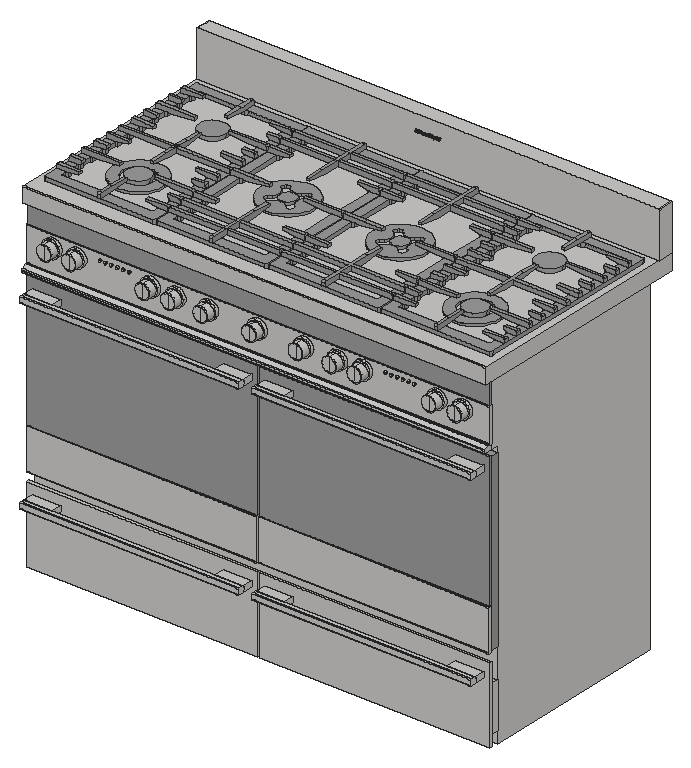
Revit family "Fisher & Paykel Cooker OR120DDWG", category Generic Models, host Floor, Revit 2013 (continued)
Definition of nested family "old_Fisher & Paykel Cooker OR120DDWG"
  Forms (in)
    Extrusion 80, solid, material "Iron, Cast" <- "Cooktop"
      sketch origin (10.82677, 2.72255, 15) x (0, 0, 1) y (1, 0, 0)
        loop
          arc (21.97263, -33.59647) -> (22.05347, -33.56048) -> (22.08661, -33.47843) r 0.11811
          line (22.08661, -33.47843) -> (22.04724, -31.37795)
      from -4.87255 to -4.54893
    Extrusion 81, solid, material "Iron, Cast" <- "Cooktop"
      sketch origin (10.82677, -1.9782, 15) x (0, 0, 1) y (-1, 0, 0)
        loop
          arc (22.08655, 33.47454) -> (22.05481, 33.55906) -> (21.97263, 33.59647) r 0.11811
          line (21.97263, 33.59647) -> (21.59449, 33.60967) -> (21.59449, 32.6378) -> (21.80198, 32.28346) -> (22.04724, 32.28346) -> (22.08655, 33.47454)
      from -4.87255 to -4.54893
    Extrusion 82, solid, material "Iron, Cast" <- "Cooktop"
      sketch origin (10.82677, -3.54932, 15) x (0, 0, 1) y (-1, 0, 0)
        loop
          line (22.04724, 31.37795) -> (22.08661, 33.47843)
          arc (22.08661, 33.47843) -> (22.05347, 33.56048) -> (21.97263, 33.59647) r 0.11811
          line (21.97263, 33.59647) -> (21.59449, 33.60967) -> (21.59449, 32.63779) -> (21.81102, 31.37795) -> (22.04724, 31.37795)
      from -4.87255 to -4.54893
    Extrusion 83, solid, material "Iron, Cast" <- "Cooktop"
      sketch origin (10.82677, 10.60024, 15) x (0, 0, 1) y (1, 0, 0)
        loop
          line (22.08655, -33.47454) -> (22.04724, -32.28346) -> (21.80198, -32.28346) -> (21.59449, -32.6378) -> (21.59449, -33.60967) -> (21.97263, -33.59647)
          arc (21.97263, -33.59647) -> (22.05481, -33.55906) -> (22.08655, -33.47454) r 0.11811
      from -4.87255 to -4.54893
    Extrusion 84, solid, material "Iron, Cast" <- "Cooktop"
      sketch origin (10.82677, 12.17137, 15) x (0, 0, 1) y (1, 0, 0)
        loop
          line (22.04724, -31.37795) -> (21.81102, -31.37795) -> (21.59449, -32.63779) -> (21.59449, -33.60967) -> (21.97263, -33.59647)
          arc (21.97263, -33.59647) -> (22.05347, -33.56048) -> (22.08661, -33.47843) r 0.11811
          line (22.08661, -33.47843) -> (22.04724, -31.37795)
      from -4.87255 to -4.54893
    Extrusion 85, solid, material "Iron, Cast" <- "Cooktop"
      sketch origin (-45.07874, -9.84853, 15) x (0, 0, 1) y (-1, 0, 0)
        loop
          line (22.08661, -31.37795) -> (22.04724, -29.68504) -> (21.81102, -29.68504) -> (21.59449, -31.76589) -> (21.59449, -33.60967) -> (21.97263, -33.59647)
          arc (21.97263, -33.59647) -> (22.05347, -33.56048) -> (22.08661, -33.47843) r 0.11811
          line (22.08661, -33.47843) -> (22.08661, -31.37795)
      from -4.87255 to -4.54893
    Extrusion 86, solid, material "Iron, Cast" <- "Cooktop"
      sketch origin (-45.07874, 9.02176, 15) x (0, 0, 1) y (1, 0, 0)
        loop
          line (22.08661, 31.37795) -> (22.08661, 33.47843)
          arc (22.08661, 33.47843) -> (22.05347, 33.56048) -> (21.97263, 33.59647) r 0.11811
          line (21.97263, 33.59647) -> (21.59449, 33.60967) -> (21.59449, 31.76589) -> (21.81102, 29.68504) -> (22.04724, 29.68504) -> (22.08661, 31.37795)
      from -4.87255 to -4.54893
    Extrusion 87, solid, material "Iron, Cast" <- "Cooktop"
      sketch origin (-45.07874, -11.42702, 15) x (0, 0, 1) y (-1, 0, 0)
        loop
          line (22.08655, -33.47454) -> (22.04724, -32.28346) -> (21.80198, -32.28346) -> (21.59449, -32.6378) -> (21.59449, -33.60967) -> (21.97263, -33.59647)
          arc (21.97263, -33.59647) -> (22.05481, -33.55906) -> (22.08655, -33.47454) r 0.11811
      from -4.87255 to -4.54893
    Extrusion 88, solid, material "Iron, Cast" <- "Cooktop"
      sketch origin (-45.07874, -12.99814, 15) x (0, 0, 1) y (-1, 0, 0)
        loop
          line (22.04724, -31.37795) -> (21.81102, -31.37795) -> (21.59449, -32.63779) -> (21.59449, -33.60967) -> (21.97263, -33.59647)
          arc (21.97263, -33.59647) -> (22.05347, -33.56048) -> (22.08661, -33.47843) r 0.11811
          line (22.08661, -33.47843) -> (22.04724, -31.37795)
      from -4.87255 to -4.54893
    Extrusion 89, solid, material "Iron, Cast" <- "Cooktop"
      sketch origin (-45.07874, 1.15142, 15) x (0, 0, 1) y (1, 0, 0)
        loop
          arc (22.08655, 33.47454) -> (22.05481, 33.55906) -> (21.97263, 33.59647) r 0.11811
          line (21.97263, 33.59647) -> (21.59449, 33.60967) -> (21.59449, 32.6378) -> (21.80198, 32.28346) -> (22.04724, 32.28346) -> (22.08655, 33.47454)
      from -4.87255 to -4.54893
    Extrusion 90, solid, material "Iron, Cast" <- "Cooktop"
      sketch origin (-45.07874, 2.72255, 15) x (0, 0, 1) y (1, 0, 0)
        loop
          line (22.04724, 31.37795) -> (22.08661, 33.47843)
          arc (22.08661, 33.47843) -> (22.05347, 33.56048) -> (21.97263, 33.59647) r 0.11811
          line (21.97263, 33.59647) -> (21.59449, 33.60967) -> (21.59449, 32.63779) -> (21.81102, 31.37795) -> (22.04724, 31.37795)
      from -4.87255 to -4.54893
    Extrusion 91, solid, material "Iron, Cast" <- "Cooktop"
      sketch origin (-45.07874, -1.9782, 15) x (0, 0, 1) y (-1, 0, 0)
        loop
          line (22.08655, -33.47454) -> (22.04724, -32.28346) -> (21.80198, -32.28346) -> (21.59449, -32.6378) -> (21.59449, -33.60967) -> (21.97263, -33.59647)
          arc (21.97263, -33.59647) -> (22.05481, -33.55906) -> (22.08655, -33.47454) r 0.11811
      from -4.87255 to -4.54893
    Extrusion 92, solid, material "Iron, Cast" <- "Cooktop"
      sketch origin (-45.07874, -3.54932, 15) x (0, 0, 1) y (-1, 0, 0)
        loop
          line (22.04724, -31.37795) -> (21.81102, -31.37795) -> (21.59449, -32.63779) -> (21.59449, -33.60967) -> (21.97263, -33.59647)
          arc (21.97263, -33.59647) -> (22.05347, -33.56048) -> (22.08661, -33.47843) r 0.11811
          line (22.08661, -33.47843) -> (22.04724, -31.37795)
      from -4.87255 to -4.54893
    Extrusion 93, solid, material "Iron, Cast" <- "Cooktop"
      sketch origin (-45.07874, 10.60024, 15) x (0, 0, 1) y (1, 0, 0)
        loop
          arc (22.08655, 33.47454) -> (22.05481, 33.55906) -> (21.97263, 33.59647) r 0.11811
          line (21.97263, 33.59647) -> (21.59449, 33.60967) -> (21.59449, 32.6378) -> (21.80198, 32.28346) -> (22.04724, 32.28346) -> (22.08655, 33.47454)
      from -4.87255 to -4.54893
    Extrusion 94, solid, material "Iron, Cast" <- "Cooktop"
      sketch origin (-45.07874, 12.17137, 15) x (0, 0, 1) y (1, 0, 0)
        loop
          line (22.04724, 31.37795) -> (22.08661, 33.47843)
          arc (22.08661, 33.47843) -> (22.05347, 33.56048) -> (21.97263, 33.59647) r 0.11811
          line (21.97263, 33.59647) -> (21.59449, 33.60967) -> (21.59449, 32.63779) -> (21.81102, 31.37795) -> (22.04724, 31.37795)
      from -4.87255 to -4.54893
    Extrusion 95, solid, material "Iron, Cast" <- "Cooktop"
      sketch origin (0, 0, 33.66142) x (-1, 0, 0) y (0, -1, 0)
        loop
          circle (17.12598, 5.1378) r 1.1811
        loop
          circle (17.12598, -4.31102) r 1.35827
      from 2.55906 to 2.93307
    Extrusion 96, solid, material "Iron, Cast" <- "Cooktop"
      sketch origin (0, 0, 36.22047) x (-1, 0, 0) y (0, -1, 0)
        loop
          circle (17.12598, 5.1378) r 1.5748
        loop
          circle (17.12598, 5.1378) r 2.59843
      from 0 to 0.19685
    Extrusion 97, solid, material "Iron, Cast" <- "Cooktop"
      sketch origin (22.83465, 0, 36.22047) x (-1, 0, 0) y (0, -1, 0)
        loop
          line (11.45669, 9.94106) -> (11.45669, -9.11429)
          spline (11.45669, -9.11429) -> (11.45838, -9.13998) -> (11.46339, -9.16523) -> (11.47166, -9.1896) -> (11.48304, -9.21268) -> (11.49734, -9.23407) -> (11.5143, -9.25342) -> (11.53364, -9.27038) -> (11.55504, -9.28467) -> (11.57812, -9.29605) -> (11.60249, -9.30432) -> (11.62774, -9.30934) -> (11.65342, -9.31102)
          line (11.65342, -9.31102) -> (22.59855, -9.31102)
          spline (22.59855, -9.31102) -> (22.62423, -9.30934) -> (22.64948, -9.30432) -> (22.67385, -9.29605) -> (22.69693, -9.28467) -> (22.71832, -9.27038) -> (22.73767, -9.25342) -> (22.75463, -9.23407) -> (22.76893, -9.21268) -> (22.78031, -9.1896) -> (22.78857, -9.16523) -> (22.79359, -9.13998) -> (22.79528, -9.11429)
          line (22.79528, -9.11429) -> (22.79528, 9.94106)
          spline (22.79528, 9.94106) -> (22.79359, 9.96675) -> (22.78857, 9.992) -> (22.78031, 10.01637) -> (22.76893, 10.03945) -> (22.75463, 10.06084) -> (22.73767, 10.08019) -> (22.71832, 10.09715) -> (22.69693, 10.11145) -> (22.67385, 10.12282) -> (22.64948, 10.13109) -> (22.62423, 10.13611) -> (22.59855, 10.1378)
          line (22.59855, 10.1378) -> (11.65342, 10.1378)
          spline (11.65342, 10.1378) -> (11.62774, 10.13611) -> (11.60249, 10.13109) -> (11.57812, 10.12282) -> (11.55504, 10.11145) -> (11.53364, 10.09715) -> (11.5143, 10.08019) -> (11.49734, 10.06084) -> (11.48304, 10.03945) -> (11.47166, 10.01637) -> (11.46339, 9.992) -> (11.45838, 9.96675) -> (11.45669, 9.94106)
        loop
          arc (12.63396, -7.61714) -> (12.49727, -7.67588) -> (12.44095, -7.81357) r 0.19646
          line (12.44095, -7.81357) -> (12.44094, -8.12992)
          arc (12.44094, -8.12992) -> (12.4986, -8.26912) -> (12.6378, -8.32677) r 0.19685
          line (12.6378, -8.32677) -> (16.76657, -8.32677)
          arc (16.76657, -8.32677) -> (16.90465, -8.27007) -> (16.96302, -8.13268) r 0.19646
          line (16.96302, -8.13268) -> (17.28895, -8.13268)
          arc (17.28895, -8.13268) -> (17.34732, -8.27007) -> (17.4854, -8.32677) r 0.19646
          line (17.4854, -8.32677) -> (21.61417, -8.32677)
          arc (21.61417, -8.32677) -> (21.75337, -8.26912) -> (21.81102, -8.12992) r 0.19685
          line (21.81102, -8.12992) -> (21.81102, -7.81357)
          arc (21.81102, -7.81357) -> (21.7547, -7.67588) -> (21.61801, -7.61714) r 0.19646
          line (21.61801, -7.61714) -> (21.61801, -7.30412)
          arc (21.61801, -7.30412) -> (21.7547, -7.24538) -> (21.81102, -7.10769) r 0.19646
          line (21.81102, -7.10769) -> (21.81102, -6.22481)
          arc (21.81102, -6.22481) -> (21.755, -6.08743) -> (21.61889, -6.0284) r 0.19646
          line (21.61889, -6.0284) -> (21.61889, -5.74326)
          arc (21.61889, -5.74326) -> (21.755, -5.68422) -> (21.81102, -5.54685) r 0.19646
          line (21.81102, -5.54685) -> (21.81102, -4.67285)
          arc (21.81102, -4.67285) -> (21.75418, -4.53463) -> (21.61653, -4.4764) r 0.19646
          line (21.61653, -4.4764) -> (21.61653, -4.14565)
          arc (21.61653, -4.14565) -> (21.75418, -4.08742) -> (21.81102, -3.9492) r 0.19646
          line (21.81102, -3.9492) -> (21.81102, 0.04822)
          arc (21.81102, 0.04822) -> (21.75398, 0.18664) -> (21.61598, 0.24467) r 0.19646
          line (21.61598, 0.24467) -> (21.61598, 0.5821)
          arc (21.61598, 0.5821) -> (21.75398, 0.64013) -> (21.81102, 0.77855) r 0.19646
          line (21.81102, 0.77855) -> (21.81102, 4.77597)
          arc (21.81102, 4.77597) -> (21.75418, 4.91419) -> (21.61653, 4.97242) r 0.19646
          line (21.61653, 4.97242) -> (21.61653, 5.30317)
          arc (21.61653, 5.30317) -> (21.75418, 5.3614) -> (21.81102, 5.49962) r 0.19646
          line (21.81102, 5.49962) -> (21.81102, 6.37362)
          arc (21.81102, 6.37362) -> (21.755, 6.511) -> (21.61889, 6.57003) r 0.19646
          line (21.61889, 6.57003) -> (21.61889, 6.85517)
          arc (21.61889, 6.85517) -> (21.755, 6.9142) -> (21.81102, 7.05158) r 0.19646
          line (21.81102, 7.05158) -> (21.81102, 7.93446)
          arc (21.81102, 7.93446) -> (21.7547, 8.07216) -> (21.61801, 8.13089) r 0.19646
          line (21.61801, 8.13089) -> (21.61801, 8.44391)
          arc (21.61801, 8.44391) -> (21.75452, 8.50247) -> (21.81102, 8.63985) r 0.19646
          line (21.81102, 8.63985) -> (21.81102, 8.95669)
          arc (21.81102, 8.95669) -> (21.75337, 9.09589) -> (21.61417, 9.15354) r 0.19685
          line (21.61417, 9.15354) -> (17.4854, 9.15354)
          arc (17.4854, 9.15354) -> (17.34732, 9.09684) -> (17.28895, 8.95945) r 0.19646
          line (17.28895, 8.95945) -> (16.96302, 8.95945)
          arc (16.96302, 8.95945) -> (16.90465, 9.09684) -> (16.76657, 9.15354) r 0.19646
          line (16.76657, 9.15354) -> (12.6378, 9.15354)
          arc (12.6378, 9.15354) -> (12.4986, 9.09589) -> (12.44094, 8.95669) r 0.19685
          line (12.44094, 8.95669) -> (12.44094, 8.63985)
          arc (12.44094, 8.63985) -> (12.49744, 8.50247) -> (12.63396, 8.44391) r 0.19646
          line (12.63396, 8.44391) -> (12.63396, 8.13089)
          arc (12.63396, 8.13089) -> (12.49727, 8.07216) -> (12.44094, 7.93446) r 0.19646
          line (12.44094, 7.93446) -> (12.44094, 7.05158)
          arc (12.44094, 7.05158) -> (12.49697, 6.9142) -> (12.63308, 6.85517) r 0.19646
          line (12.63308, 6.85517) -> (12.63308, 6.57003)
          arc (12.63308, 6.57003) -> (12.49696, 6.511) -> (12.44094, 6.37362) r 0.19646
          line (12.44094, 6.37362) -> (12.44094, 5.49962)
          arc (12.44094, 5.49962) -> (12.49779, 5.3614) -> (12.63544, 5.30317) r 0.19646
          line (12.63544, 5.30317) -> (12.63544, 4.97242)
          arc (12.63544, 4.97242) -> (12.49779, 4.91419) -> (12.44094, 4.77597) r 0.19646
          line (12.44094, 4.77597) -> (12.44094, 0.77855)
          arc (12.44094, 0.77855) -> (12.49799, 0.64013) -> (12.63599, 0.5821) r 0.19646
          line (12.63599, 0.5821) -> (12.63599, 0.24467)
          arc (12.63599, 0.24467) -> (12.49799, 0.18664) -> (12.44094, 0.04822) r 0.19646
          line (12.44094, 0.04822) -> (12.44094, -3.9492)
          arc (12.44094, -3.9492) -> (12.49779, -4.08742) -> (12.63544, -4.14565) r 0.19646
          line (12.63544, -4.14565) -> (12.63544, -4.4764)
          arc (12.63544, -4.4764) -> (12.49779, -4.53463) -> (12.44095, -4.67285) r 0.19646
          line (12.44095, -4.67285) -> (12.44094, -5.54685)
          arc (12.44094, -5.54685) -> (12.49696, -5.68422) -> (12.63308, -5.74326) r 0.19646
          line (12.63308, -5.74326) -> (12.63308, -6.0284)
          arc (12.63308, -6.0284) -> (12.49697, -6.08743) -> (12.44095, -6.22481) r 0.19646
          line (12.44095, -6.22481) -> (12.44094, -7.10769)
          arc (12.44094, -7.10769) -> (12.49727, -7.24538) -> (12.63396, -7.30412) r 0.19646
          line (12.63396, -7.30412) -> (12.63396, -7.61714)
      from 0 to 0.37402
    Extrusion 98, solid, material "Iron, Cast" <- "Cooktop"
      sketch origin (33.66142, 12.17137, 15) x (0, 0, 1) y (1, 0, 0)
        loop
          arc (22.08661, -22.42708) -> (22.05347, -22.34504) -> (21.97263, -22.30904) r 0.11811
          line (21.97263, -22.30904) -> (21.59449, -22.29584) -> (21.59449, -33.60967) -> (21.97263, -33.59647)
          arc (21.97263, -33.59647) -> (22.05347, -33.56048) -> (22.08661, -33.47843) r 0.11811
          line (22.08661, -33.47843) -> (22.08661, -22.42708)
      from -4.87255 to -4.54893
    Extrusion 99, solid, material "Iron, Cast" <- "Cooktop"
      sketch origin (-22.2441, 4.29735, 15) x (0, 0, 1) y (1, 0, 0)
        loop
          line (22.08661, 31.37795) -> (22.08661, 33.47843)
          arc (22.08661, 33.47843) -> (22.05347, 33.56048) -> (21.97263, 33.59647) r 0.11811
          line (21.97263, 33.59647) -> (21.59449, 33.60967) -> (21.59449, 31.76589) -> (21.81102, 29.68504) -> (22.04724, 29.68504) -> (22.08661, 31.37795)
      from -4.87255 to -4.54893
    Extrusion 100, solid, material "Iron, Cast" <- "Cooktop"
      sketch origin (-22.24225, -0.39971, 15) x (0, 0, 1) y (-1, 0, 0)
        loop
          line (22.04724, -31.37795) -> (21.81102, -31.37795) -> (21.59449, -32.63779) -> (21.59449, -33.60967) -> (21.97263, -33.59647)
          arc (21.97263, -33.59647) -> (22.05347, -33.56048) -> (22.08661, -33.47843) r 0.11811
          line (22.08661, -33.47843) -> (22.04724, -31.37795)
      from -4.87255 to -4.54893
    Extrusion 101, solid, material "Iron, Cast" <- "Cooktop"
      sketch origin (33.66142, 4.29735, 15) x (0, 0, 1) y (1, 0, 0)
        loop
          line (22.08661, -31.37795) -> (22.04724, -29.68504) -> (21.81102, -29.68504) -> (21.59449, -31.76589) -> (21.59449, -33.60967) -> (21.97263, -33.59647)
          arc (21.97263, -33.59647) -> (22.05347, -33.56048) -> (22.08661, -33.47843) r 0.11811
          line (22.08661, -33.47843) -> (22.08661, -31.37795)
      from -4.87255 to -4.54893
    Extrusion 102, solid, material "Iron, Cast" <- "Cooktop"
      sketch origin (0.99792, -27.53937, 15) x (0, 0, 1) y (0, 1, 0)
        loop
          line (22.08661, 31.37795) -> (22.08661, 36.71855)
          arc (22.08661, 36.71855) -> (22.05347, 36.80059) -> (21.97263, 36.83659) r 0.11811
          line (21.97263, 36.83659) -> (21.59449, 36.84979) -> (21.59449, 31.76589) -> (21.81102, 29.68504) -> (22.04724, 29.68504) -> (22.08661, 31.37795)
      from -4.87371 to -4.54893
    Extrusion 103, solid, material "Iron, Cast" <- "Cooktop"
      sketch origin (33.66142, 10.60024, 15) x (0, 0, 1) y (1, 0, 0)
        loop
          arc (22.08661, -22.42708) -> (22.05347, -22.34504) -> (21.97263, -22.30904) r 0.11811
          line (21.97263, -22.30904) -> (21.59449, -22.29584) -> (21.59449, -33.60967) -> (21.97263, -33.59647)
          arc (21.97263, -33.59647) -> (22.05347, -33.56048) -> (22.08661, -33.47843) r 0.11811
          line (22.08661, -33.47843) -> (22.08661, -22.42708)
      from -4.87255 to -4.54893
    Extrusion 104, solid, material "Iron, Cast" <- "Cooktop"
      sketch origin (33.66142, -12.99814, 15) x (0, 0, 1) y (-1, 0, 0)
        loop
          line (22.08661, 22.42708) -> (22.08661, 33.47843)
          arc (22.08661, 33.47843) -> (22.05347, 33.56048) -> (21.97263, 33.59647) r 0.11811
          line (21.97263, 33.59647) -> (21.59449, 33.60967) -> (21.59449, 22.29584) -> (21.97263, 22.30904)
          arc (21.97263, 22.30904) -> (22.05347, 22.34504) -> (22.08661, 22.42708) r 0.11811
      from -4.87255 to -4.54893
    Extrusion 105, solid, material "Iron, Cast" <- "Cooktop"
      sketch origin (0.99792, 26.7126, 15) x (0, 0, 1) y (0, 1, 0)
        loop
          line (22.08661, -31.37795) -> (22.04724, -29.68504) -> (21.81102, -29.68504) -> (21.59449, -31.76589) -> (21.59449, -36.84979) -> (21.97263, -36.83659)
          arc (21.97263, -36.83659) -> (22.05347, -36.80059) -> (22.08661, -36.71855) r 0.11811
          line (22.08661, -36.71855) -> (22.08661, -31.37795)
      from -4.87255 to -4.54893
    Extrusion 106, solid, material "Iron, Cast" <- "Cooktop"
      sketch origin (33.66142, -11.42702, 15) x (0, 0, 1) y (-1, 0, 0)
        loop
          line (22.08661, 22.42708) -> (22.08661, 33.47843)
          arc (22.08661, 33.47843) -> (22.05347, 33.56048) -> (21.97263, 33.59647) r 0.11811
          line (21.97263, 33.59647) -> (21.59449, 33.60967) -> (21.59449, 22.29584) -> (21.97263, 22.30904)
          arc (21.97263, 22.30904) -> (22.05347, 22.34504) -> (22.08661, 22.42708) r 0.11811
      from -4.87255 to -4.54893
    Extrusion 107, solid, material "Iron, Cast" <- "Cooktop"
      sketch origin (33.65957, -0.39971, 15) x (0, 0, 1) y (-1, 0, 0)
        loop
          line (22.04724, 31.37795) -> (22.08661, 33.47843)
          arc (22.08661, 33.47843) -> (22.05347, 33.56048) -> (21.97263, 33.59647) r 0.11811
          line (21.97263, 33.59647) -> (21.59449, 33.60967) -> (21.59449, 32.63779) -> (21.81102, 31.37795) -> (22.04724, 31.37795)
      from -4.87255 to -4.54893
    Extrusion 108, solid, material "Iron, Cast" <- "Cooktop"
      sketch origin (-22.24225, -0.42706, 15) x (0, 0, 1) y (1, 0, 0)
        loop
          line (22.04724, 31.37795) -> (22.08661, 33.47843)
          arc (22.08661, 33.47843) -> (22.05347, 33.56048) -> (21.97263, 33.59647) r 0.11811
          line (21.97263, 33.59647) -> (21.59449, 33.60967) -> (21.59449, 32.63779) -> (21.81102, 31.37795) -> (22.04724, 31.37795)
      from -4.87255 to -4.54893
    Extrusion 109, solid, material "Iron, Cast" <- "Cooktop"
      sketch origin (33.65957, -0.42706, 15) x (0, 0, 1) y (1, 0, 0)
        loop
          line (22.04724, -31.37795) -> (21.81102, -31.37795) -> (21.59449, -32.63779) -> (21.59449, -33.60967) -> (21.97263, -33.59647)
          arc (21.97263, -33.59647) -> (22.05347, -33.56048) -> (22.08661, -33.47843) r 0.11811
          line (22.08661, -33.47843) -> (22.04724, -31.37795)
      from -4.87255 to -4.54893
    Extrusion 110, solid, material "Iron, Cast" <- "Cooktop"
      sketch origin (0, 0, 36.22047) x (1, 0, 0) y (0, 1, 0)
        loop
          arc (6.26544, 0.70017) -> (5.70866, 0.46954) -> (5.15188, 0.70017) r 0.7874
          line (5.15188, 0.70017) -> (4.82901, 1.02304)
          arc (4.82901, 1.02304) -> (4.6063, 1.11529) -> (4.38359, 1.02304) r 0.31496
          line (4.38359, 1.02304) -> (4.27223, 0.91169)
          arc (4.27223, 0.91169) -> (4.17998, 0.68898) -> (4.27223, 0.46627) r 0.31496
          line (4.27223, 0.46627) -> (4.59511, 0.14339)
          arc (4.59511, 0.14339) -> (4.82573, -0.41339) -> (4.59511, -0.97016) r 0.7874
          line (4.59511, -0.97016) -> (4.27223, -1.29304)
          arc (4.27223, -1.29304) -> (4.17998, -1.51575) -> (4.27223, -1.73846) r 0.31496
          line (4.27223, -1.73846) -> (4.38359, -1.84981)
          arc (4.38359, -1.84981) -> (4.6063, -1.94206) -> (4.82901, -1.84981) r 0.31496
          line (4.82901, -1.84981) -> (5.15188, -1.52694)
          arc (5.15188, -1.52694) -> (5.70866, -1.29632) -> (6.26544, -1.52694) r 0.7874
          line (6.26544, -1.52694) -> (6.58831, -1.84981)
          arc (6.58831, -1.84981) -> (6.81102, -1.94206) -> (7.03373, -1.84981) r 0.31496
          line (7.03373, -1.84981) -> (7.14509, -1.73846)
          arc (7.14509, -1.73846) -> (7.23734, -1.51575) -> (7.14509, -1.29304) r 0.31496
          line (7.14509, -1.29304) -> (6.82222, -0.97016)
          arc (6.82222, -0.97016) -> (6.59159, -0.41339) -> (6.82222, 0.14339) r 0.7874
          line (6.82222, 0.14339) -> (7.14509, 0.46627)
          arc (7.14509, 0.46627) -> (7.23734, 0.68898) -> (7.14509, 0.91169) r 0.31496
          line (7.14509, 0.91169) -> (7.03373, 1.02304)
          arc (7.03373, 1.02304) -> (6.81102, 1.11529) -> (6.58831, 1.02304) r 0.31496
          line (6.58831, 1.02304) -> (6.26544, 0.70017)
        loop
          circle (5.70866, -0.41339) r 2.75591
      from 0 to 0.19685
    Extrusion 111, solid, material "Iron, Cast" <- "Cooktop"
      sketch origin (1.11675, -0.38453, 36.22047) x (1, 0, 0) y (0, 1, 0)
        loop
          circle (4.59191, -0.02886) r 0.82677
      from 0 to 0.19685
    Extrusion 112, solid, material "Fridge"
      sketch origin (1.85887, 0.35759, 36.22047) x (1, 0, 0) y (0, 1, 0)
        loop
          line (3.69231, 0.12787) -> (3.69231, 0.04066)
          arc (3.69231, 0.04066) -> (3.84979, 0.0558) -> (4.00727, 0.04066) r 0.82677
          line (4.00727, 0.04066) -> (4.00727, 0.12787)
          arc (4.00727, 0.12787) -> (3.84979, 0.11196) -> (3.69231, 0.12787) r 0.7874
        loop
          arc (3.69231, -1.66981) -> (3.84979, -1.6539) -> (4.00727, -1.66981) r 0.7874
          line (4.00727, -1.66981) -> (4.00727, -1.58261)
          arc (4.00727, -1.58261) -> (3.84979, -1.59774) -> (3.69231, -1.58261) r 0.82677
          line (3.69231, -1.58261) -> (3.69231, -1.66981)
        loop
          line (4.74863, -0.61349) -> (4.66143, -0.61349)
          arc (4.66143, -0.61349) -> (4.67656, -0.77097) -> (4.66143, -0.92845) r 0.82677
          line (4.66143, -0.92845) -> (4.74863, -0.92845)
          arc (4.74863, -0.92845) -> (4.73272, -0.77097) -> (4.74863, -0.61349) r 0.7874
        loop
          arc (2.95095, -0.61349) -> (2.96686, -0.77097) -> (2.95095, -0.92845) r 0.7874
          line (2.95095, -0.92845) -> (3.03816, -0.92845)
          arc (3.03816, -0.92845) -> (3.02302, -0.77097) -> (3.03816, -0.61349) r 0.82677
          line (3.03816, -0.61349) -> (2.95095, -0.61349)
      from 0 to 0.15748
    Extrusion 113, solid, material "Iron, Cast" <- "Cooktop"
      sketch origin (-22.83465, 0, 36.22047) x (1, 0, 0) y (0, 1, 0)
        loop
          spline (11.45669, -9.94106) -> (11.45838, -9.96675) -> (11.46339, -9.992) -> (11.47166, -10.01637) -> (11.48304, -10.03945) -> (11.49734, -10.06084) -> (11.5143, -10.08019) -> (11.53364, -10.09715) -> (11.55504, -10.11145) -> (11.57812, -10.12282) -> (11.60249, -10.13109) -> (11.62774, -10.13611) -> (11.65342, -10.1378)
          line (11.65342, -10.1378) -> (22.59855, -10.1378)
          spline (22.59855, -10.1378) -> (22.62423, -10.13611) -> (22.64948, -10.13109) -> (22.67385, -10.12282) -> (22.69693, -10.11145) -> (22.71832, -10.09715) -> (22.73767, -10.08019) -> (22.75463, -10.06084) -> (22.76893, -10.03945) -> (22.78031, -10.01637) -> (22.78857, -9.992) -> (22.79359, -9.96675) -> (22.79528, -9.94106)
          line (22.79528, -9.94106) -> (22.79528, 9.11429)
          spline (22.79528, 9.11429) -> (22.79359, 9.13998) -> (22.78857, 9.16523) -> (22.78031, 9.1896) -> (22.76893, 9.21268) -> (22.75463, 9.23407) -> (22.73767, 9.25342) -> (22.71832, 9.27038) -> (22.69693, 9.28467) -> (22.67385, 9.29605) -> (22.64948, 9.30432) -> (22.62423, 9.30934) -> (22.59855, 9.31102)
          line (22.59855, 9.31102) -> (11.65342, 9.31102)
          spline (11.65342, 9.31102) -> (11.62774, 9.30934) -> (11.60249, 9.30432) -> (11.57812, 9.29605) -> (11.55504, 9.28467) -> (11.53364, 9.27038) -> (11.5143, 9.25342) -> (11.49734, 9.23407) -> (11.48304, 9.21268) -> (11.47166, 9.1896) -> (11.46339, 9.16523) -> (11.45838, 9.13998) -> (11.45669, 9.11429)
          line (11.45669, 9.11429) -> (11.45669, -9.94106)
        loop
          line (12.63396, 7.61714) -> (12.63396, 7.30412)
          arc (12.63396, 7.30412) -> (12.49727, 7.24538) -> (12.44094, 7.10769) r 0.19646
          line (12.44094, 7.10769) -> (12.44095, 6.22481)
          arc (12.44095, 6.22481) -> (12.49697, 6.08743) -> (12.63308, 6.0284) r 0.19646
          line (12.63308, 6.0284) -> (12.63308, 5.74326)
          arc (12.63308, 5.74326) -> (12.49696, 5.68422) -> (12.44094, 5.54685) r 0.19646
          line (12.44094, 5.54685) -> (12.44095, 4.67285)
          arc (12.44095, 4.67285) -> (12.49779, 4.53463) -> (12.63544, 4.4764) r 0.19646
          line (12.63544, 4.4764) -> (12.63544, 4.14565)
          arc (12.63544, 4.14565) -> (12.49779, 4.08742) -> (12.44094, 3.9492) r 0.19646
          line (12.44094, 3.9492) -> (12.44094, -0.04822)
          arc (12.44094, -0.04822) -> (12.49799, -0.18664) -> (12.63599, -0.24467) r 0.19646
          line (12.63599, -0.24467) -> (12.63599, -0.5821)
          arc (12.63599, -0.5821) -> (12.49799, -0.64013) -> (12.44094, -0.77855) r 0.19646
          line (12.44094, -0.77855) -> (12.44094, -4.77597)
          arc (12.44094, -4.77597) -> (12.49779, -4.91419) -> (12.63544, -4.97242) r 0.19646
          line (12.63544, -4.97242) -> (12.63544, -5.30317)
          arc (12.63544, -5.30317) -> (12.49779, -5.3614) -> (12.44094, -5.49962) r 0.19646
          line (12.44094, -5.49962) -> (12.44094, -6.37362)
          arc (12.44094, -6.37362) -> (12.49696, -6.511) -> (12.63308, -6.57003) r 0.19646
          line (12.63308, -6.57003) -> (12.63308, -6.85517)
          arc (12.63308, -6.85517) -> (12.49697, -6.9142) -> (12.44094, -7.05158) r 0.19646
          line (12.44094, -7.05158) -> (12.44094, -7.93446)
          arc (12.44094, -7.93446) -> (12.49727, -8.07216) -> (12.63396, -8.13089) r 0.19646
          line (12.63396, -8.13089) -> (12.63396, -8.44391)
          arc (12.63396, -8.44391) -> (12.49744, -8.50247) -> (12.44094, -8.63985) r 0.19646
          line (12.44094, -8.63985) -> (12.44094, -8.95669)
          arc (12.44094, -8.95669) -> (12.4986, -9.09589) -> (12.6378, -9.15354) r 0.19685
          line (12.6378, -9.15354) -> (16.76657, -9.15354)
          arc (16.76657, -9.15354) -> (16.90465, -9.09684) -> (16.96302, -8.95945) r 0.19646
          line (16.96302, -8.95945) -> (17.28895, -8.95945)
          arc (17.28895, -8.95945) -> (17.34732, -9.09684) -> (17.4854, -9.15354) r 0.19646
          line (17.4854, -9.15354) -> (21.61417, -9.15354)
          arc (21.61417, -9.15354) -> (21.75337, -9.09589) -> (21.81102, -8.95669) r 0.19685
          line (21.81102, -8.95669) -> (21.81102, -8.63985)
          arc (21.81102, -8.63985) -> (21.75452, -8.50247) -> (21.61801, -8.44391) r 0.19646
          line (21.61801, -8.44391) -> (21.61801, -8.13089)
          arc (21.61801, -8.13089) -> (21.7547, -8.07216) -> (21.81102, -7.93446) r 0.19646
          line (21.81102, -7.93446) -> (21.81102, -7.05158)
          arc (21.81102, -7.05158) -> (21.755, -6.9142) -> (21.61889, -6.85517) r 0.19646
          line (21.61889, -6.85517) -> (21.61889, -6.57003)
          arc (21.61889, -6.57003) -> (21.755, -6.511) -> (21.81102, -6.37362) r 0.19646
          line (21.81102, -6.37362) -> (21.81102, -5.49962)
          arc (21.81102, -5.49962) -> (21.75418, -5.3614) -> (21.61653, -5.30317) r 0.19646
          line (21.61653, -5.30317) -> (21.61653, -4.97242)
          arc (21.61653, -4.97242) -> (21.75418, -4.91419) -> (21.81102, -4.77597) r 0.19646
          line (21.81102, -4.77597) -> (21.81102, -0.77855)
          arc (21.81102, -0.77855) -> (21.75398, -0.64013) -> (21.61598, -0.5821) r 0.19646
          line (21.61598, -0.5821) -> (21.61598, -0.24467)
          arc (21.61598, -0.24467) -> (21.75398, -0.18664) -> (21.81102, -0.04822) r 0.19646
          line (21.81102, -0.04822) -> (21.81102, 3.9492)
          arc (21.81102, 3.9492) -> (21.75418, 4.08742) -> (21.61653, 4.14565) r 0.19646
          line (21.61653, 4.14565) -> (21.61653, 4.4764)
          arc (21.61653, 4.4764) -> (21.75418, 4.53463) -> (21.81102, 4.67285) r 0.19646
          line (21.81102, 4.67285) -> (21.81102, 5.54685)
          arc (21.81102, 5.54685) -> (21.755, 5.68422) -> (21.61889, 5.74326) r 0.19646
          line (21.61889, 5.74326) -> (21.61889, 6.0284)
          arc (21.61889, 6.0284) -> (21.755, 6.08743) -> (21.81102, 6.22481) r 0.19646
          line (21.81102, 6.22481) -> (21.81102, 7.10769)
          arc (21.81102, 7.10769) -> (21.7547, 7.24538) -> (21.61801, 7.30412) r 0.19646
          line (21.61801, 7.30412) -> (21.61801, 7.61714)
          arc (21.61801, 7.61714) -> (21.7547, 7.67588) -> (21.81102, 7.81357) r 0.19646
          line (21.81102, 7.81357) -> (21.81102, 8.12992)
          arc (21.81102, 8.12992) -> (21.75337, 8.26912) -> (21.61417, 8.32677) r 0.19685
          line (21.61417, 8.32677) -> (17.4854, 8.32677)
          arc (17.4854, 8.32677) -> (17.34732, 8.27007) -> (17.28895, 8.13268) r 0.19646
          line (17.28895, 8.13268) -> (16.96302, 8.13268)
          arc (16.96302, 8.13268) -> (16.90465, 8.27007) -> (16.76657, 8.32677) r 0.19646
          line (16.76657, 8.32677) -> (12.6378, 8.32677)
          arc (12.6378, 8.32677) -> (12.4986, 8.26912) -> (12.44094, 8.12992) r 0.19685
          line (12.44094, 8.12992) -> (12.44095, 7.81357)
          arc (12.44095, 7.81357) -> (12.49727, 7.67588) -> (12.63396, 7.61714) r 0.19646
      from 0 to 0.37402
    Extrusion 114, solid, material "Iron, Cast" <- "Cooktop"
      sketch origin (-33.66142, 12.17137, 15) x (0, 0, 1) y (1, 0, 0)
        loop
          line (22.08661, 22.42708) -> (22.08661, 33.47843)
          arc (22.08661, 33.47843) -> (22.05347, 33.56048) -> (21.97263, 33.59647) r 0.11811
          line (21.97263, 33.59647) -> (21.59449, 33.60967) -> (21.59449, 22.29584) -> (21.97263, 22.30904)
          arc (21.97263, 22.30904) -> (22.05347, 22.34504) -> (22.08661, 22.42708) r 0.11811
      from -4.87255 to -4.54893
    Extrusion 115, solid, material "Iron, Cast" <- "Cooktop"
      sketch origin (22.2441, 4.29735, 15) x (0, 0, 1) y (1, 0, 0)
        loop
          line (22.08661, -31.37795) -> (22.04724, -29.68504) -> (21.81102, -29.68504) -> (21.59449, -31.76589) -> (21.59449, -33.60967) -> (21.97263, -33.59647)
          arc (21.97263, -33.59647) -> (22.05347, -33.56048) -> (22.08661, -33.47843) r 0.11811
          line (22.08661, -33.47843) -> (22.08661, -31.37795)
      from -4.87255 to -4.54893
    Extrusion 116, solid, material "Iron, Cast" <- "Cooktop"
      sketch origin (22.24225, -0.39971, 15) x (0, 0, 1) y (-1, 0, 0)
        loop
          line (22.04724, 31.37795) -> (22.08661, 33.47843)
          arc (22.08661, 33.47843) -> (22.05347, 33.56048) -> (21.97263, 33.59647) r 0.11811
          line (21.97263, 33.59647) -> (21.59449, 33.60967) -> (21.59449, 32.63779) -> (21.81102, 31.37795) -> (22.04724, 31.37795)
      from -4.87255 to -4.54893
    Extrusion 117, solid, material "Iron, Cast" <- "Cooktop"
      sketch origin (-33.66142, 4.29735, 15) x (0, 0, 1) y (1, 0, 0)
        loop
          line (22.08661, 31.37795) -> (22.08661, 33.47843)
          arc (22.08661, 33.47843) -> (22.05347, 33.56048) -> (21.97263, 33.59647) r 0.11811
          line (21.97263, 33.59647) -> (21.59449, 33.60967) -> (21.59449, 31.76589) -> (21.81102, 29.68504) -> (22.04724, 29.68504) -> (22.08661, 31.37795)
      from -4.87255 to -4.54893
    Extrusion 118, solid, material "Iron, Cast" <- "Cooktop"
      sketch origin (-0.99792, -27.53937, 15) x (0, 0, 1) y (0, -1, 0)
        loop
          line (22.08661, -31.37795) -> (22.04724, -29.68504) -> (21.81102, -29.68504) -> (21.59449, -31.76589) -> (21.59449, -36.84979) -> (21.97263, -36.83659)
          arc (21.97263, -36.83659) -> (22.05347, -36.80059) -> (22.08661, -36.71855) r 0.11811
          line (22.08661, -36.71855) -> (22.08661, -31.37795)
      from -4.87255 to -4.54893
    Extrusion 119, solid, material "Iron, Cast" <- "Cooktop"
      sketch origin (-33.66142, 10.60024, 15) x (0, 0, 1) y (1, 0, 0)
        loop
          line (22.08661, 22.42708) -> (22.08661, 33.47843)
          arc (22.08661, 33.47843) -> (22.05347, 33.56048) -> (21.97263, 33.59647) r 0.11811
          line (21.97263, 33.59647) -> (21.59449, 33.60967) -> (21.59449, 22.29584) -> (21.97263, 22.30904)
          arc (21.97263, 22.30904) -> (22.05347, 22.34504) -> (22.08661, 22.42708) r 0.11811
      from -4.87255 to -4.54893
    Extrusion 120, solid, material "Iron, Cast" <- "Cooktop"
      sketch origin (-33.66142, -12.99814, 15) x (0, 0, 1) y (-1, 0, 0)
        loop
          arc (22.08661, -22.42708) -> (22.05347, -22.34504) -> (21.97263, -22.30904) r 0.11811
          line (21.97263, -22.30904) -> (21.59449, -22.29584) -> (21.59449, -33.60967) -> (21.97263, -33.59647)
          arc (21.97263, -33.59647) -> (22.05347, -33.56048) -> (22.08661, -33.47843) r 0.11811
          line (22.08661, -33.47843) -> (22.08661, -22.42708)
      from -4.87255 to -4.54893
    Extrusion 121, solid, material "Iron, Cast" <- "Cooktop"
      sketch origin (-0.99792, 26.7126, 15) x (0, 0, 1) y (0, -1, 0)
        loop
          line (22.08661, 31.37795) -> (22.08661, 36.71855)
          arc (22.08661, 36.71855) -> (22.05347, 36.80059) -> (21.97263, 36.83659) r 0.11811
          line (21.97263, 36.83659) -> (21.59449, 36.84979) -> (21.59449, 31.76589) -> (21.81102, 29.68504) -> (22.04724, 29.68504) -> (22.08661, 31.37795)
      from -4.87255 to -4.54893
    Extrusion 122, solid, material "Iron, Cast" <- "Cooktop"
      sketch origin (-33.66142, -11.42702, 15) x (0, 0, 1) y (-1, 0, 0)
        loop
          arc (22.08661, -22.42708) -> (22.05347, -22.34504) -> (21.97263, -22.30904) r 0.11811
          line (21.97263, -22.30904) -> (21.59449, -22.29584) -> (21.59449, -33.60967) -> (21.97263, -33.59647)
          arc (21.97263, -33.59647) -> (22.05347, -33.56048) -> (22.08661, -33.47843) r 0.11811
          line (22.08661, -33.47843) -> (22.08661, -22.42708)
      from -4.87255 to -4.54893
    Extrusion 123, solid, material "Iron, Cast" <- "Cooktop"
      sketch origin (-33.65957, -0.39971, 15) x (0, 0, 1) y (-1, 0, 0)
        loop
          line (22.04724, -31.37795) -> (21.81102, -31.37795) -> (21.59449, -32.63779) -> (21.59449, -33.60967) -> (21.97263, -33.59647)
          arc (21.97263, -33.59647) -> (22.05347, -33.56048) -> (22.08661, -33.47843) r 0.11811
          line (22.08661, -33.47843) -> (22.04724, -31.37795)
      from -4.87255 to -4.54893
    Extrusion 124, solid, material "Iron, Cast" <- "Cooktop"
      sketch origin (22.24225, -0.42706, 15) x (0, 0, 1) y (1, 0, 0)
        loop
          line (22.04724, -31.37795) -> (21.81102, -31.37795) -> (21.59449, -32.63779) -> (21.59449, -33.60967) -> (21.97263, -33.59647)
          arc (21.97263, -33.59647) -> (22.05347, -33.56048) -> (22.08661, -33.47843) r 0.11811
          line (22.08661, -33.47843) -> (22.04724, -31.37795)
      from -4.87255 to -4.54893
    Extrusion 125, solid, material "Iron, Cast" <- "Cooktop"
      sketch origin (-33.65957, -0.42706, 15) x (0, 0, 1) y (1, 0, 0)
        loop
          line (22.04724, 31.37795) -> (22.08661, 33.47843)
          arc (22.08661, 33.47843) -> (22.05347, 33.56048) -> (21.97263, 33.59647) r 0.11811
          line (21.97263, 33.59647) -> (21.59449, 33.60967) -> (21.59449, 32.63779) -> (21.81102, 31.37795) -> (22.04724, 31.37795)
      from -4.87255 to -4.54893
    Extrusion 126, solid, material "Iron, Cast" <- "Cooktop"
      sketch origin (0, 0, 36.22047) x (-1, 0, 0) y (0, -1, 0)
        loop
          line (6.26544, -0.70017) -> (6.58831, -1.02304)
          arc (6.58831, -1.02304) -> (6.81102, -1.11529) -> (7.03373, -1.02304) r 0.31496
          line (7.03373, -1.02304) -> (7.14509, -0.91169)
          arc (7.14509, -0.91169) -> (7.23734, -0.68898) -> (7.14509, -0.46627) r 0.31496
          line (7.14509, -0.46627) -> (6.82222, -0.14339)
          arc (6.82222, -0.14339) -> (6.59159, 0.41339) -> (6.82222, 0.97016) r 0.7874
          line (6.82222, 0.97016) -> (7.14509, 1.29304)
          arc (7.14509, 1.29304) -> (7.23734, 1.51575) -> (7.14509, 1.73846) r 0.31496
          line (7.14509, 1.73846) -> (7.03373, 1.84981)
          arc (7.03373, 1.84981) -> (6.81102, 1.94206) -> (6.58831, 1.84981) r 0.31496
          line (6.58831, 1.84981) -> (6.26544, 1.52694)
          arc (6.26544, 1.52694) -> (5.70866, 1.29632) -> (5.15188, 1.52694) r 0.7874
          line (5.15188, 1.52694) -> (4.82901, 1.84981)
          arc (4.82901, 1.84981) -> (4.6063, 1.94206) -> (4.38359, 1.84981) r 0.31496
          line (4.38359, 1.84981) -> (4.27223, 1.73846)
          arc (4.27223, 1.73846) -> (4.17998, 1.51575) -> (4.27223, 1.29304) r 0.31496
          line (4.27223, 1.29304) -> (4.59511, 0.97016)
          arc (4.59511, 0.97016) -> (4.82573, 0.41339) -> (4.59511, -0.14339) r 0.7874
          line (4.59511, -0.14339) -> (4.27223, -0.46627)
          arc (4.27223, -0.46627) -> (4.17998, -0.68898) -> (4.27223, -0.91169) r 0.31496
          line (4.27223, -0.91169) -> (4.38359, -1.02304)
          arc (4.38359, -1.02304) -> (4.6063, -1.11529) -> (4.82901, -1.02304) r 0.31496
          line (4.82901, -1.02304) -> (5.15188, -0.70017)
          arc (5.15188, -0.70017) -> (5.70866, -0.46954) -> (6.26544, -0.70017) r 0.7874
        loop
          circle (5.70866, 0.41339) r 2.75591
      from 0 to 0.19685
    Extrusion 127, solid, material "Iron, Cast" <- "Cooktop"
      sketch origin (-1.11675, -0.38453, 36.22047) x (-1, 0, 0) y (0, -1, 0)
        loop
          circle (4.59191, 0.02886) r 0.82677
      from 0 to 0.19685
    Extrusion 128, solid, material "Fridge"
      sketch origin (-1.85887, 0.35759, 36.22047) x (-1, 0, 0) y (0, -1, 0)
        loop
          arc (3.69231, -0.12787) -> (3.84979, -0.11196) -> (4.00727, -0.12787) r 0.7874
          line (4.00727, -0.12787) -> (4.00727, -0.04066)
          arc (4.00727, -0.04066) -> (3.84979, -0.0558) -> (3.69231, -0.04066) r 0.82677
          line (3.69231, -0.04066) -> (3.69231, -0.12787)
        loop
          line (3.69231, 1.66981) -> (3.69231, 1.58261)
          arc (3.69231, 1.58261) -> (3.84979, 1.59774) -> (4.00727, 1.58261) r 0.82677
          line (4.00727, 1.58261) -> (4.00727, 1.66981)
          arc (4.00727, 1.66981) -> (3.84979, 1.6539) -> (3.69231, 1.66981) r 0.7874
        loop
          arc (4.74863, 0.61349) -> (4.73272, 0.77097) -> (4.74863, 0.92845) r 0.7874
          line (4.74863, 0.92845) -> (4.66143, 0.92845)
          arc (4.66143, 0.92845) -> (4.67656, 0.77097) -> (4.66143, 0.61349) r 0.82677
          line (4.66143, 0.61349) -> (4.74863, 0.61349)
        loop
          line (2.95095, 0.61349) -> (3.03816, 0.61349)
          arc (3.03816, 0.61349) -> (3.02302, 0.77097) -> (3.03816, 0.92845) r 0.82677
          line (3.03816, 0.92845) -> (2.95095, 0.92845)
          arc (2.95095, 0.92845) -> (2.96686, 0.77097) -> (2.95095, 0.61349) r 0.7874
      from 0 to 0.15748
    Extrusion 129, solid, material "Stainless Steel" <- "Cooker"
      sketch origin (-10.82677, -11.32283, 15) x (0, 0, 1) y (-1, 0, 0)
        loop
          circle (16.81102, -23.79921) r 0.11811
        loop
          circle (16.81102, -24.38976) r 0.11811
        loop
          circle (16.81102, -24.98031) r 0.11811
        loop
          circle (16.81102, -25.57087) r 0.11811
        loop
          circle (16.81102, -26.16142) r 0.11811
        loop
          circle (16.81102, -26.75197) r 0.11811
        loop
          circle (16.81102, 5.25591) r 0.11811
        loop
          circle (16.81102, 4.66535) r 0.11811
        loop
          circle (16.81102, 4.0748) r 0.11811
        loop
          circle (16.81102, 2.30315) r 0.11811
        loop
          circle (16.81102, 3.48425) r 0.11811
        loop
          circle (16.81102, 2.8937) r 0.11811
      from 0 to 0.07874
    Sweep 130, solid, material "Stainless Steel" <- "Cooker"
      path origin (-19.88189, 9.64567, -0.2761) x (0, 1, 0) y (0, 0, 1)
        loop
          line (-0.59055, 34.13437) -> (0.19685, 34.13437)
          arc (0.19685, 34.13437) -> (0.97634, 33.81149) -> (1.29921, 33.03201) r 1.10236
          line (1.29921, 33.03201) -> (1.29921, 24.095)
      profile origin (-19.88189, 9.44882, 33.85827) x (0, 0, 1) y (1, 0, 0)
        loop
          circle (-0.31496, -1.67323) r 0.31496
        loop
          circle (-0.31496, -1.67323) r 0.23622
    Extrusion 131, solid, material "Stainless Steel" <- "Cooker"
      sketch origin (0, 0, 24.40945) x (1, 0, 0) y (0, 1, 0)
        loop
          line (-21.19631, 10.83708) -> (-21.55512, 11.04424) -> (-21.91393, 10.83708) -> (-21.91393, 10.42276) -> (-21.55512, 10.2156) -> (-21.19631, 10.42276) -> (-21.19631, 10.83708)
        loop
          circle (-21.55512, 10.62992) r 0.31496
      from 0 to 0.19685
    Revolve 132, solid, material "Stainless Steel" <- "Cooker"
      sketch origin (-19.35296, 9.01461, 0.10404) x (0, 1, 0) y (0, 0, 1)
        loop
          line (1.37795, 5.70917) -> (1.18111, 5.70917) -> (1.18111, 3.74067) -> (1.37795, 3.74067) -> (1.37795, 5.70917)
        axis (1.37795, 3.74067) -> (1.37795, 5.70917)
      angle from 0 to 360
    Extrusion 133, solid, material "Stainless Steel" <- "Cooker"
      sketch origin (23.52362, -4.55535, 12.01819) x (0, 1, 0) y (0, 0, 1)
        loop
          line (-6.74386, 14.82039) -> (-7.87562, 14.82039)
          arc (-7.87562, 14.82039) -> (-7.76748, 14.51724) -> (-7.87562, 14.2141) r 0.479
          line (-7.87562, 14.2141) -> (-6.74386, 14.2141) -> (-6.74386, 14.82039)
      from -3.4252 to -0.59843
    Extrusion 134, solid, material "Stainless Steel" <- "Cooker"
      sketch origin (23.52362, -4.55535, -6.76134) x (0, 1, 0) y (0, 0, 1)
        loop
          line (-6.74386, 14.82039) -> (-7.87562, 14.82039)
          arc (-7.87562, 14.82039) -> (-7.76748, 14.51724) -> (-7.87562, 14.2141) r 0.479
          line (-7.87562, 14.2141) -> (-6.74386, 14.2141) -> (-6.74386, 14.82039)
      from -3.4252 to -0.59843
    Extrusion 135, solid, material "Stainless Steel" <- "Cooker"
      sketch origin (-23.52362, -4.55535, -6.76134) x (0, 1, 0) y (0, 0, -1)
        loop
          line (-6.74386, -14.82039) -> (-6.74386, -14.2141) -> (-7.87562, -14.2141)
          arc (-7.87562, -14.2141) -> (-7.76748, -14.51724) -> (-7.87562, -14.82039) r 0.479
          line (-7.87562, -14.82039) -> (-6.74386, -14.82039)
      from -3.4252 to -0.59843
    Extrusion 136, solid, material "Stainless Steel" <- "Cooker"
      sketch origin (-23.52362, -4.55535, 12.01819) x (0, 1, 0) y (0, 0, -1)
        loop
          line (-6.74386, -14.82039) -> (-6.74386, -14.2141) -> (-7.87562, -14.2141)
          arc (-7.87562, -14.2141) -> (-7.76748, -14.51724) -> (-7.87562, -14.82039) r 0.479
          line (-7.87562, -14.82039) -> (-6.74386, -14.82039)
      from -3.4252 to -0.59843
    Extrusion 137, solid, material "Plastic, Opaque Black" <- "Black Finish"
      sketch origin (-23.52362, -0.57174, 66.99637) x (0, -1, 0) y (0, 0, 1)
        loop
          line (10.57, -32.3507) -> (10.57, -34.51605) -> (10.70385, -34.51605) -> (10.70385, -32.3507) -> (10.57, -32.3507)
      from -47.04724 to 0
    Extrusion 138, solid, material "Stainless Steel" <- "Cooker"
      sketch origin (-10.82677, -9.84853, 15) x (0, 0, 1) y (-1, 0, 0)
        loop
          line (21.22047, 12.69685) -> (21.22047, -34.35039) -> (25.86614, -34.35039)
          arc (25.86614, -34.35039) -> (25.92182, -34.32733) -> (25.94488, -34.27165) r 0.07874
          line (25.94488, -34.27165) -> (25.94488, 12.61811)
          arc (25.94488, 12.61811) -> (25.92182, 12.67379) -> (25.86614, 12.69685) r 0.07874
          line (25.86614, 12.69685) -> (21.22047, 12.69685)
      from -21.65956 to -20.12412
  Cuts and joins
    joined: Extrusion 43, Extrusion 45, Extrusion 46, Extrusion 47
    joined: Extrusion 98, Extrusion 102, Extrusion 103
    joined: Extrusion 104, Extrusion 105, Extrusion 106
  Dimensions and locks (in)
    aligned and locked: Extrusion 138 to Extrusion 24
  Nested families (in)
    nested 1: "FP_logo" at (-0.03398, 10.27559, 39.30223) x (1, 0, 0) z (0, -1, 0), type "FP_logo"
  Definition of nested family "FP_logo"
    Parameters (values of type "FP_logo")
      thickness = 0' - 0.02044"
      length = 0' - 2.55906"
      LOGO = logo
      Default Elevation = 4' - 0"
    Reference planes (in)
      plane 1 "Center (Front/Back)": y = 0
      plane 2: z = 0
      plane 3 "Center (Left/Right)": x = 0
      plane 4: x = -1.27953
      plane 5: x = 1.27953
    Forms (in)
      Extrusion 1, solid
        sketch origin (0, 0, 0) x (1, 0, 0) y (0, 1, 0)
          loop
            line (-48, 48) -> (-48, -48) -> (48, -48) -> (48, 48) -> (-48, 48)
        from 0 to -12
      Extrusion 2, solid, material "logo" <- "LOGO"
        sketch origin (0, 0, 0) x (1, 0, 0) y (0, 1, 0)
          loop
            line (-1.28793, 0) -> (-1.22941, 0) -> (-1.20294, 0.10013) -> (-1.06722, 0.10013) -> (-1.05675, 0.13883) -> (-1.19244, 0.13883) -> (-1.17503, 0.20502) -> (-1.03204, 0.20502) -> (-1.02154, 0.24372) -> (-1.22301, 0.24372) -> (-1.28793, 0)
          loop
            line (-1.06975, 0) -> (-1.01812, 0) -> (-0.97286, 0.17064) -> (-1.02455, 0.17064) -> (-1.06975, 0)
          loop
            line (-1.00487, 0.24372) -> (-1.01447, 0.2087) -> (-0.96281, 0.2087) -> (-0.95323, 0.24372) -> (-1.00487, 0.24372)
          loop
            arc (-0.70659, 0.10944) -> (-0.66351, 0.13909) -> (-0.61518, 0.11909) r 0.05479
            line (-0.61518, 0.11909) -> (-0.64665, 0) -> (-0.59502, 0) -> (-0.56433, 0.11613)
            arc (-0.56433, 0.11613) -> (-0.56066, 0.13166) -> (-0.56433, 0.1472) r 0.03467
            arc (-0.56433, 0.1472) -> (-0.63207, 0.17359) -> (-0.6978, 0.14254) r 0.09195
            line (-0.6978, 0.14254) -> (-0.67088, 0.24372) -> (-0.72248, 0.24372) -> (-0.78736, 0) -> (-0.73573, 0) -> (-0.70659, 0.10944)
          loop
            arc (-0.78003, 0.12388) -> (-0.7802, 0.15435) -> (-0.80595, 0.17064) r 0.03175
            arc (-0.80595, 0.17064) -> (-0.86905, 0.17791) -> (-0.93104, 0.16409) r 0.19102
            arc (-0.93104, 0.16409) -> (-0.95215, 0.1497) -> (-0.96547, 0.12791) r 0.06073
            arc (-0.96547, 0.12791) -> (-0.96563, 0.09219) -> (-0.93526, 0.0734) r 0.03654
            line (-0.93526, 0.0734) -> (-0.86683, 0.07042)
            arc (-0.86683, 0.07042) -> (-0.84963, 0.04675) -> (-0.87138, 0.02716) r 0.02187
            line (-0.87138, 0.02716) -> (-0.91159, 0.02716)
            arc (-0.91159, 0.02716) -> (-0.92782, 0.03263) -> (-0.93496, 0.04821) r 0.02158
            line (-0.93496, 0.04821) -> (-0.98793, 0.04897)
            arc (-0.98793, 0.04897) -> (-0.98824, 0.0237) -> (-0.97175, 0.00453) r 0.03578
            arc (-0.97175, 0.00453) -> (-0.90562, -0.00279) -> (-0.83949, 0.00453) r 0.30257
            arc (-0.83949, 0.00453) -> (-0.80981, 0.02332) -> (-0.79102, 0.053) r 0.08011
            arc (-0.79102, 0.053) -> (-0.79169, 0.08409) -> (-0.81828, 0.10023) r 0.03232
            line (-0.81828, 0.10023) -> (-0.90164, 0.10385)
            arc (-0.90164, 0.10385) -> (-0.91478, 0.11094) -> (-0.91736, 0.12565) r 0.01712
            arc (-0.91736, 0.12565) -> (-0.87321, 0.14484) -> (-0.82987, 0.12388) r 0.05771
            line (-0.82987, 0.12388) -> (-0.78003, 0.12388)
          loop
            line (-0.35834, 0.07785) -> (-0.34936, 0.1281)
            arc (-0.34936, 0.1281) -> (-0.36182, 0.15818) -> (-0.3919, 0.17064) r 0.04254
            line (-0.3919, 0.17064) -> (-0.46649, 0.17064)
            arc (-0.46649, 0.17064) -> (-0.55144, 0.09952) -> (-0.50276, 0) r 0.08985
            arc (-0.50276, 0) -> (-0.42624, 0.00164) -> (-0.36657, 0.04957) r 0.1189
            line (-0.36657, 0.04957) -> (-0.41532, 0.05469)
            arc (-0.41532, 0.05469) -> (-0.47196, 0.02753) -> (-0.50958, 0.07785) r 0.04947
            line (-0.50958, 0.07785) -> (-0.35834, 0.07785)
          loop
            line (-0.49543, 0.10339) -> (-0.40222, 0.10339)
            arc (-0.40222, 0.10339) -> (-0.44883, 0.14122) -> (-0.49543, 0.10339) r 0.04763
          loop
            line (-0.35744, 0) -> (-0.30575, 0) -> (-0.27931, 0.10045)
            arc (-0.27931, 0.10045) -> (-0.24877, 0.13302) -> (-0.21439, 0.10454) r 0.03258
            line (-0.21439, 0.10454) -> (-0.16596, 0.10454)
            arc (-0.16596, 0.10454) -> (-0.16014, 0.13655) -> (-0.17275, 0.16653) r 0.05707
            arc (-0.17275, 0.16653) -> (-0.22695, 0.17196) -> (-0.27227, 0.14172) r 0.08074
            line (-0.27227, 0.14172) -> (-0.26058, 0.17064) -> (-0.31221, 0.17064) -> (-0.35744, 0)
          loop
            line (0.04293, 0.09792) -> (0.03493, 0.06801) -> (-0.03092, 0.12139)
            arc (-0.03092, 0.12139) -> (0.01102, 0.12595) -> (0.05079, 0.14002) r 0.18262
            arc (0.05079, 0.14002) -> (0.06551, 0.16161) -> (0.06992, 0.18735) r 0.06142
            arc (0.06992, 0.18735) -> (0.06308, 0.2049) -> (0.04699, 0.21468) r 0.02933
            arc (0.04699, 0.21468) -> (-0.00347, 0.22023) -> (-0.05393, 0.21468) r 0.23211
            arc (-0.05393, 0.21468) -> (-0.0772, 0.20319) -> (-0.09256, 0.18227) r 0.0547
            arc (-0.09256, 0.18227) -> (-0.09997, 0.15248) -> (-0.08317, 0.12679) r 0.03836
            arc (-0.08317, 0.12679) -> (-0.12079, 0.11552) -> (-0.14937, 0.08857) r 0.08523
            line (-0.14937, 0.08857) -> (-0.16132, 0.04948)
            arc (-0.16132, 0.04948) -> (-0.15152, 0.01457) -> (-0.1183, 0) r 0.0424
            arc (-0.1183, 0) -> (-0.0664, -0.00378) -> (-0.01449, 0) r 0.35823
            arc (-0.01449, 0) -> (0.01603, 0.00923) -> (0.04252, 0.02698) r 0.10788
            line (0.04252, 0.02698) -> (0.07664, 0) -> (0.10123, 0.0189) -> (0.05868, 0.0487)
            arc (0.05868, 0.0487) -> (0.06845, 0.07262) -> (0.07373, 0.09792) r 0.1419
            line (0.07373, 0.09792) -> (0.04293, 0.09792)
          loop
            line (0.02245, 0.04264) -> (-0.06702, 0.11392)
            arc (-0.06702, 0.11392) -> (-0.10449, 0.10434) -> (-0.12285, 0.0703) r 0.0482
            arc (-0.12285, 0.0703) -> (-0.12188, 0.03525) -> (-0.09139, 0.01794) r 0.0357
            arc (-0.09139, 0.01794) -> (-0.03193, 0.0186) -> (0.02245, 0.04264) r 0.14775
          loop
            arc (0.29295, 0.07855) -> (0.34351, 0.08976) -> (0.38459, 0.12128) r 0.11963
            arc (0.38459, 0.12128) -> (0.40024, 0.16194) -> (0.40678, 0.20502) r 0.20127
            arc (0.40678, 0.20502) -> (0.38041, 0.23617) -> (0.3403, 0.24372) r 0.061
            line (0.3403, 0.24372) -> (0.17853, 0.24372) -> (0.11368, 0) -> (0.17213, 0) -> (0.19316, 0.07855) -> (0.29295, 0.07855)
          loop
            line (0.22654, 0.20502) -> (0.20369, 0.11876) -> (0.28438, 0.11876)
            arc (0.28438, 0.11876) -> (0.30788, 0.12228) -> (0.32933, 0.13253) r 0.08023
            line (0.32933, 0.13253) -> (0.34318, 0.17058)
            arc (0.34318, 0.17058) -> (0.33309, 0.19493) -> (0.30873, 0.20502) r 0.03444
            line (0.30873, 0.20502) -> (0.22654, 0.20502)
          loop
            arc (0.44994, 0.12128) -> (0.45661, 0.1374) -> (0.47273, 0.14408) r 0.02279
            arc (0.47273, 0.14408) -> (0.49581, 0.14613) -> (0.5189, 0.14408) r 0.13096
            arc (0.5189, 0.14408) -> (0.53284, 0.13296) -> (0.53116, 0.1152) r 0.01873
            line (0.53116, 0.1152) -> (0.52298, 0.08453)
            arc (0.52298, 0.08453) -> (0.45237, 0.10647) -> (0.3839, 0.07855) r 0.10954
            arc (0.3839, 0.07855) -> (0.37005, 0.03338) -> (0.40349, 0) r 0.04581
            arc (0.40349, 0) -> (0.45959, -0.00093) -> (0.51047, 0.02274) r 0.12515
            line (0.51047, 0.02274) -> (0.49277, -0.00253) -> (0.55275, 0) -> (0.58246, 0.11146)
            arc (0.58246, 0.11146) -> (0.58562, 0.14392) -> (0.56221, 0.16663) r 0.03759
            arc (0.56221, 0.16663) -> (0.50502, 0.17693) -> (0.44725, 0.17064) r 0.20338
            arc (0.44725, 0.17064) -> (0.41783, 0.1507) -> (0.39789, 0.12128) r 0.09427
            line (0.39789, 0.12128) -> (0.44994, 0.12128)
          loop
            line (0.6208, 0) -> (0.6534, 0)
            arc (0.6534, 0) -> (0.62549, -0.03442) -> (0.58246, -0.04497) r 0.0695
            line (0.58246, -0.04497) -> (0.57423, -0.0749)
            arc (0.57423, -0.0749) -> (0.64659, -0.06536) -> (0.69487, -0.01063) r 0.10405
            line (0.69487, -0.01063) -> (0.79906, 0.17064) -> (0.74561, 0.17064) -> (0.66557, 0.02667) -> (0.65099, 0.17064) -> (0.59619, 0.17064) -> (0.6208, 0)
          loop
            line (0.84497, 0.10416) -> (0.8819, 0.24372) -> (0.83031, 0.24372) -> (0.76542, 0) -> (0.81709, 0) -> (0.83716, 0.07561) -> (0.89884, 0) -> (0.96234, 0) -> (0.89705, 0.09023) -> (0.99253, 0.17064) -> (0.93312, 0.17064) -> (0.84497, 0.10416)
          loop
            line (1.22786, 0.24372) -> (1.16298, 0) -> (1.21464, 0) -> (1.27953, 0.24372) -> (1.22786, 0.24372)
          loop
            line (1.16389, 0.07785) -> (1.17287, 0.1281)
            arc (1.17287, 0.1281) -> (1.16041, 0.15818) -> (1.13033, 0.17064) r 0.04254
            line (1.13033, 0.17064) -> (1.05574, 0.17064)
            arc (1.05574, 0.17064) -> (0.97079, 0.09952) -> (1.01947, 0) r 0.08985
            arc (1.01947, 0) -> (1.09599, 0.00164) -> (1.15566, 0.04957) r 0.1189
            line (1.15566, 0.04957) -> (1.10691, 0.05469)
            arc (1.10691, 0.05469) -> (1.05027, 0.02753) -> (1.01265, 0.07785) r 0.04947
            line (1.01265, 0.07785) -> (1.16389, 0.07785)
          loop
            line (1.0268, 0.10339) -> (1.12001, 0.10339)
            arc (1.12001, 0.10339) -> (1.0734, 0.14122) -> (1.0268, 0.10339) r 0.04763
          loop
            arc (-0.04605, 0.13365) -> (-0.0021, 0.14002) -> (0.03485, 0.16467) r 0.10075
            arc (0.03485, 0.16467) -> (0.03736, 0.18125) -> (0.02882, 0.19569) r 0.02499
            arc (0.02882, 0.19569) -> (-0.00536, 0.20013) -> (-0.03953, 0.19569) r 0.1339
            arc (-0.03953, 0.19569) -> (-0.0693, 0.16746) -> (-0.04605, 0.13365) r 0.03158
          loop
            spline (0.40845, 0.0445) -> (0.41077, 0.0382) -> (0.41646, 0.03264) -> (0.42511, 0.02819) -> (0.43615, 0.02517) -> (0.44882, 0.02376) -> (0.46226, 0.02408) -> (0.47555, 0.0261) -> (0.48778, 0.02968) -> (0.49813, 0.03458) -> (0.50588, 0.04046) -> (0.51051, 0.04692) -> (0.51171, 0.05353)
            spline (0.51171, 0.05353) -> (0.50939, 0.05983) -> (0.5037, 0.06539) -> (0.49504, 0.06984) -> (0.484, 0.07286) -> (0.47133, 0.07426) -> (0.4579, 0.07394) -> (0.44461, 0.07192) -> (0.43237, 0.06834) -> (0.42203, 0.06345) -> (0.41428, 0.05757) -> (0.40964, 0.0511) -> (0.40845, 0.0445)
        from 0 to 0.02044
    Dimensions and locks (in)
      "length": plane 4 to plane 5
      equal spacing: plane 4, plane 3 "Center (Left/Right)", plane 5
      "thickness": Extrusion 2 to plane 2
      aligned and locked: plane 2 to Extrusion 1
      aligned and locked: level to Extrusion 1
    Automatic sketch dimensions
      Extrusion 1 sketch curve to Extrusion 1 sketch curve = 8' - 0"  (x2)
      plane 1 "Center (Front/Back)" to Extrusion 2 sketch curve = 0' - 0"  (x19)
      Extrusion 2 sketch curve to plane 5 = 0' - 0"
      Extrusion 2 sketch curve to Extrusion 2 sketch curve = 0' - 0.05166"  (x3)
      Extrusion 2 sketch curve to plane 5 = 0' - 0.06488"
      Extrusion 2 sketch curve to plane 5 = 0' - 0.10666"
      Extrusion 2 sketch curve to Extrusion 2 sketch curve = 0' - 0.00898"  (x2)
